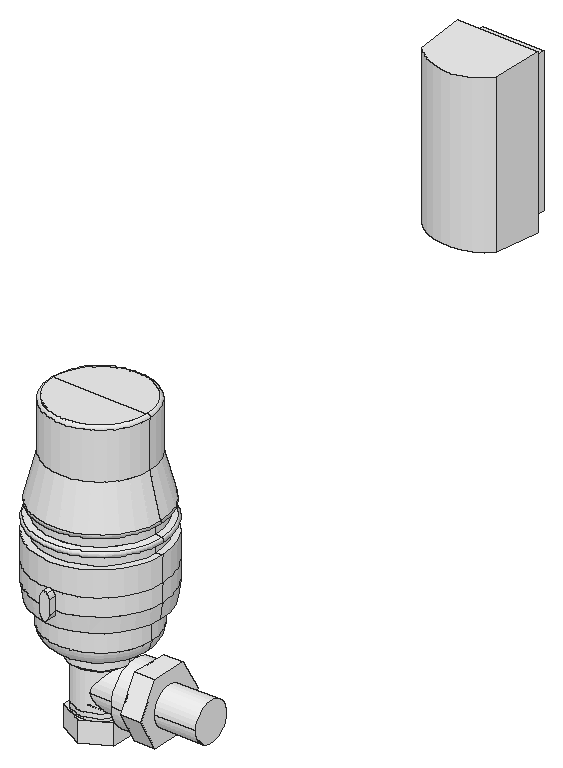
Revit family "RA-FN_Angle_DN10-20_F_Redia_RFA_1", category Pipe Accessories, Revit 2019
Family settings
  Round Connector Dimension = Use Diameter
  Part Type = Valve - Breaks Into
  OmniClass Number = 23.65.55.14.17
  OmniClass Title = Adjusting/Controlling Valves for Liquid Services
  Work Plane-Based = No
  Always vertical = Yes
  Cut with Voids When Loaded = No
  Shared = No
Parameters (values of type "RA-FN_Angle_DN10_Internal_F_013G0001")
  W = 58.00 mm  # constant formula
  Sensor Type = Redia Sensors_RA_RFA : Redia Sensors_RA_Remote_8-28 °C
  SH = HT1 + HT2 + HT3 + 23.00 mm  # 38.00 mm
  Redia_Remote = Redia Sensors_RA_RFA : Redia Sensors_RA_Remote_8-28 °C
  Redia_16_28 = Redia Sensors_RA_RFA : Redia Sensors_RA_Built-in_16-28 °C
  Redia_8_28 = Redia Sensors_RA_RFA : Redia Sensors_RA_Built-in_8-28 °C
  R_200_1 = 15.60 mm
  R_200 = 12.50 mm
  Weight = 0.20 kg
  RV2 = 10.80 mm
  RV3 = 13.30 mm
  RV4 = 8.30 mm
  RB3 = 10.50 mm
  RB = 12.70 mm
  Pressure Drop [instance] = 0.0 bar
  Model Type = "RA-FN_Angle_DN10_Internal_F"
  Model = "013G0001"
  Max Operating Pressure = "10 bar"  # constant formula
  Max Medium Temperature = "120 ˚C"  # constant formula
  Max Differential Pressure = "0.6 bar"  # constant formula
  SL = L1 + L2 + L3 + L4  # 30.00 mm
  LOD 350 = not(LOD 200)  # yes
  LOD 200 = no
  L2 = 1.00 mm
  L1 = 14.50 mm
  L3 = 6.00 mm
  L4 = 8.50 mm
  LL = 48.50 mm
  L = LL + 27.50 mm  # 76.00 mm
  Kvs = 0.65 m³/h
  IfcExportType = "RA-FN"  # constant formula
  IfcExportAs = "IfcValveType"  # constant formula
  HB2 = 2.00 mm
  HB1 = 9.00 mm
  HB3 = 8.00 mm
  HT3 = 5.00 mm
  HT2 = 1.50 mm
  HT1 = 8.50 mm
  Valve Body Material = Danfoss Nickel Plated Brass
  URL = "https://store.danfoss.com/en/Climate-Solutions-for-heating/Radiator-Thermostats/Radiator-Valves/Build-on-valves/Fixed-capacity-valves/c/13867?q=%3Arelevance%3Adanfoss_producttypehierarchydesc%3ARA-FN&text="
  RV1 = 10.00 mm
  Manufacturer = "Danfoss"  # constant formula
  RB2 = 10.50 mm
  HB = 20.00 mm
  HT [instance] = 110.90 mm
  HA = if(or(Sensor Type = Redia_8_28, Sensor Type = Redia_16_28, Sensor Type = Redia_Remote), 96.00 mm, 94.80 mm)  # 96.00 mm
  H = HT1 + HT2 + HT3 + HA + HB  # 131.00 mm
  Flow [instance] = 0.0 m³/h
  Description = "Thermostatic Radiator Valve"  # constant formula
  DB1 = 25.40 mm
  L_Thread2 = 13.50 mm
  L_Thread1 = 10.80 mm
  D = 10.00 mm
  Connection = "Internal Thread"  # constant formula
Types (3, lengths in mm): name | R_200_1 | R_200 | Weight | RV2 | RV3 | RV4 | RB3 | RB | Model Type | Model | SL | L2 | L1 | L3 | L4 | LL | L | Kvs | HB2 | HB1 | HB3 | HT2 | HT1 | RV1 | RB2 | HB | H | DB1 | L_Thread2 | L_Thread1 | D
  RA-FN_Angle_DN10_Internal_F_013G0001 | 15.60 | 12.50 | 0.20 kg | 10.80 | 13.30 | 8.30 | 10.50 | 12.70 | "RA-FN_Angle_DN10_Internal_F" | "013G0001" | 30.00 | 1.00 | 14.50 | 6.00 | 8.50 | 48.50 | 76.00 | 0.65 m³/h | 2.00 | 9.00 | 8.00 | 1.50 | 8.50 | 10.00 | 10.50 | 20.00 | 131.00 | 25.40 | 13.50 | 10.80 | 10.00
  RA-FN_Angle_DN15_Internal_F_013G0003 | 17.30 | 15.30 | 0.23 kg | 12.00 | 14.80 | 10.50 | 12.50 | 13.30 | "RA-FN_Angle_DN15_Internal_F" | "013G0003" | 32.00 | 2.00 | 16.00 | 4.00 | 10.00 | 53.00 | 80.50 | 0.9 m³/h | 3.00 | 10.00 | 4.50 | 1.50 | 8.50 | 10.80 | 10.30 | 23.00 | 134.00 | 25.00 | 15.00 | 13.30 | 15.00
  RA-FN_Angle_DN20_Internal_F_013G0005 | 21.10 | 18.20 | 0.34 kg | 14.50 | 18.10 | 13.00 | 15.60 | 15.80 | "RA-FN_Angle_DN20_Internal_F" | "013G0005" | 39.00 | 3.00 | 18.00 | 4.00 | 14.00 | 62.00 | 89.50 | 1.4 m³/h | 3.50 | 13.00 | 4.50 | 2.00 | 8.00 | 12.50 | 13.00 | 26.00 | 137.00 | 26.00 | 18.30 | 15.80 | 20.00
Reference planes
  plane 1 "Center (Front/Back)": y = 0
  plane 2 "XYPLANE": z = 0
  plane 3 "Center (Left/Right)": x = 0
  plane 4 "56": z = 111
  plane 5 "54": z = 8.5
  plane 6 "52": z = -20
  plane 7 "51": x = 0
  plane 8 "50": y = 0
  plane 9 "49": z = 0
  plane 10 "48": x = 21.5
  plane 11: z = 10
  plane 12: z = 15
  plane 13: z = -8
  plane 14: z = -10
  plane 15: z = -11
  plane 16: x = 48.5
  plane 17: x = 30
  plane 18: x = 15.5
  plane 19: x = 14.5
  plane 20: z = -16.4
  plane 21: x = -12.7
  plane 22: y = 15.6
  plane 23: y = -15.6
  plane 24: x = -27.5
  plane 25: y = 27.5
  plane 26: y = -30.5
Forms (mm)
  Extrusion 1, solid, material "Danfoss Nickel Plated Brass" <- "Valve Body Material", detail levels fine
    sketch origin (0, 0, 0) x (1, 0, 0) y (0, 1, 0)
      loop
        circle (0, 0) r 12.7
    from 10 to 15
  Extrusion 2, solid, material "Danfoss Nickel Plated Brass" <- "Valve Body Material", visible <- "LOD 350", detail levels fine
    sketch origin (-750, 0, -20) x (1, 0, 0) y (0, 1, 0)
      loop
        line (750, -12.471) -> (760.8, -6.235) -> (760.8, 6.235) -> (750, 12.471) -> (739.2, 6.235) -> (739.2, -6.235) -> (750, -12.471)
    from 0 to 9
  Extrusion 3, solid, material "Danfoss Nickel Plated Brass" <- "Valve Body Material", visible <- "LOD 350", detail levels fine
    sketch origin (0, 0, 0) x (1, 0, 0) y (0, 1, 0)
      loop
        circle (0, 0) r 10.5
    from 8.5 to -8
  Extrusion 4, solid, material "Danfoss Nickel Plated Brass" <- "Valve Body Material", visible <- "LOD 350", detail levels fine
    sketch origin (16.7, -750, 0) x (0, 1, 0) y (0, 0, 1)
      loop
        circle (750, 0) r 10
    from -2.2 to -16.7
  Extrusion 5, solid, material "Danfoss Nickel Plated Brass" <- "Valve Body Material", visible <- "LOD 350", detail levels fine
    sketch origin (21.5, -750, 0) x (0, 1, 0) y (0, 0, 1)
      loop
        line (734.412, 0) -> (742.206, -13.5) -> (757.794, -13.5) -> (765.588, 0) -> (757.794, 13.5) -> (742.206, 13.5) -> (734.412, 0)
    from 8.5 to 0
  Extrusion 6, solid, material "Danfoss Nickel Plated Brass" <- "Valve Body Material", visible <- "LOD 350", detail levels fine
    sketch origin (21.5, -750, 0) x (0, 1, 0) y (0, 0, 1)
      loop
        circle (750, 0) r 13.3
    from 0 to -6
  Extrusion 7, solid, material "Danfoss Nickel Plated Brass" <- "Valve Body Material", visible <- "LOD 350", detail levels fine
    sketch origin (0, 0, 0) x (1, 0, 0) y (0, 1, 0)
      loop
        circle (0, 0) r 10.5
    from -11 to -10
  Blend 8, solid, material "Danfoss Nickel Plated Brass" <- "Valve Body Material", visible <- "LOD 350", detail levels fine
    base sketch origin (0, 0, 0) x (1, 0, 0) y (0, 1, 0)
      loop
        circle (0, 0) r 10.5
    top sketch origin (0, 0, 0) x (1, 0, 0) y (0, 1, 0)
      loop
        circle (0, 0) r 10.5
    from -10 to -8
  Blend 9, solid, material "Danfoss Nickel Plated Brass" <- "Valve Body Material", visible <- "LOD 350", detail levels fine
    base sketch origin (0, 0, 0) x (0, -1, 0) y (1, 0, 0)
      loop
        circle (0, 0) r 12.7
    top sketch origin (0, 0, 0) x (0, -1, 0) y (1, 0, 0)
      loop
        circle (0, 0) r 10.5
    from 10 to 8.5
  Blend 10, solid, material "Danfoss Nickel Plated Brass" <- "Valve Body Material", visible <- "LOD 350", detail levels fine
    base sketch origin (0, 0, 0) x (0, 1, 0) y (0, 0, 1)
      loop
        circle (0, 0) r 10
    top sketch origin (0, 0, 0) x (0, 1, 0) y (0, 0, 1)
      loop
        circle (0, 0) r 10.8
    from 14.5 to 15.5
  Extrusion 11, solid, material "Danfoss Nickel Plated Brass" <- "Valve Body Material", detail levels fine
    sketch origin (21.5, -750, 0) x (0, 1, 0) y (0, 0, 1)
      loop
        circle (750, 0) r 8.3
    from 8.5 to 27
  Revolve 12, solid, material "Danfoss Nickel Plated Brass" <- "Valve Body Material", visible <- "LOD 200", detail levels fine
    sketch origin (0, 0, 0) x (1, 0, 0) y (0, 0, 1)
      loop
        line (0, -11) -> (10.5, -11) -> (10.5, 10) -> (0, 10) -> (0, -11)
      axis (0, -11) -> (0, 10)
    angle from 0 to 360
  Extrusion 13, solid, material "Danfoss Nickel Plated Brass" <- "Valve Body Material", visible <- "LOD 200", detail levels fine
    sketch origin (0, 0, 0) x (0, 1, 0) y (0, 0, 1)
      loop
        circle (0, 0) r 10
    from 0 to 21.5
  Extrusion 14, solid, material "Danfoss Nickel Plated Brass" <- "Valve Body Material", visible <- "LOD 200", detail levels fine
    sketch origin (21.5, -750, 0) x (0, 1, 0) y (0, 0, 1)
      loop
        circle (750, 0) r 15.6
    from 0 to 8.5
  Extrusion 15, solid, material "Danfoss Nickel Plated Brass" <- "Valve Body Material", visible <- "LOD 200", detail levels fine
    sketch origin (0, 0, 0) x (1, 0, 0) y (0, 1, 0)
      loop
        circle (0, 0) r 12.5
    from -20 to -11
Lines and regions (mm)
  reference lines, not visible
    curve 1: circle (2, 2, 0) r 1 normal (0, 0, 1)
  reference lines
    curve 2: line (0, 0, -20) -> (4.33, 2.5, -20)
    curve 3: line (0, 0, -20) -> (0, 5, -20)
    curve 4: line (0, 0, -20) -> (-4.33, 2.5, -20)
    curve 5: line (21.5, 0, 0) -> (21.5, 2.625, -4.547)
    curve 6: line (21.5, 0, 0) -> (21.5, 5.25, 0)
    curve 7: line (21.5, 0, 0) -> (21.5, 2.625, 4.547)
Dimensions and locks
  plane 1 "Center (Front/Back)" to curve 1 = 2.00 mm
  "HT1": plane 2 "XYPLANE" to plane 5 "54"
  locked: plane 3 "Center (Left/Right)" to plane 7 "51"
  locked: plane 1 "Center (Front/Back)" to plane 8 "50"
  locked: plane 2 "XYPLANE" to plane 9 "49"
  "L_Thread1": curve 2 to Extrusion 2 sketch curve  (x2)
  "L_Thread1": curve 3 to Extrusion 2 sketch curve  (x2)
  "L_Thread1": curve 4 to Extrusion 2 sketch curve  (x2)
  "L_Thread2": curve 5 to Extrusion 5 sketch curve  (x2)
  "L_Thread2": curve 6 to Extrusion 5 sketch curve  (x2)
  "L_Thread2": curve 7 to Extrusion 5 sketch curve  (x2)
  "HT2": plane 11 to plane 5 "54"
  "HT3": plane 12 to plane 11
  "HB3": level to plane 13
  "HB2": plane 13 to plane 14
  "HB1": plane 15 to plane 6 "52"
  "LL": plane 16 to plane 3 "Center (Left/Right)"
  "L4": plane 10 "48" to plane 17
  "L3": plane 18 to plane 10 "48"
  "L2": plane 19 to plane 18
  "L1": plane 3 "Center (Left/Right)" to plane 19
  plane 10 "48" to plane 3 "Center (Left/Right)" = 21.50 mm
  "RB2": Revolve 12 sketch curve to Revolve 12 sketch curve
  locked: plane 15 to plane 20 at 5.4
  "RB": plane 21 to plane 7 "51"
  plane 12 to level = 15.00 mm
  equal spacing: plane 22, plane 1 "Center (Front/Back)", plane 23
  "L": plane 16 to plane 24
  "W": plane 26 to plane 25
  "HA": plane 4 "56" to plane 12
  "H": plane 4 "56" to plane 6 "52"
  "DB1": diameter of Extrusion 1 sketch curve
  "RB2": radius of Extrusion 3 sketch curve
  "RV1": radius of Extrusion 4 sketch curve
  "RB3": radius of Extrusion 7 sketch curve
  "RB3": radius of Blend 8 sketch curve
  "RB2": radius of Blend 8 sketch curve
  "RB2": radius of Blend 9 sketch curve
  "RV3": radius of Extrusion 6 sketch curve
  "RV1": radius of Blend 10 sketch curve
  "RV2": radius of Blend 10 sketch curve
  "RV4": radius of Extrusion 11 sketch curve
  "DB1": diameter of Blend 9 sketch curve
  "RV1": radius of Extrusion 13 sketch curve
  "R_200_1": radius of Extrusion 14 sketch curve
  "R_200": radius of Extrusion 15 sketch curve
  locked: curve 3 to curve 2 (angle 60.00°)
  locked: curve 4 to curve 3 (angle 60.00°)
  locked: curve 4 to curve 2 (angle 120.00°)
  locked: curve 6 to curve 5 (angle 60.00°)
  locked: curve 7 to curve 6 (angle 60.00°)
  locked: curve 7 to curve 5 (angle 120.00°)
  aligned and locked: level to plane 2 "XYPLANE"
  aligned and locked: plane 7 "51" to Extrusion 1 sketch curve
  aligned and locked: plane 8 "50" to Extrusion 1 sketch curve
  aligned and locked: plane 7 "51" to curve 4
  aligned and locked: plane 8 "50" to curve 4
  aligned and locked: plane 7 "51" to Extrusion 3 sketch curve
  aligned and locked: plane 8 "50" to Extrusion 3 sketch curve
  aligned and locked: Extrusion 4 sketch curve to plane 8 "50"
  aligned and locked: plane 9 "49" to Extrusion 4 sketch curve
  aligned and locked: curve 7 to plane 8 "50"
  aligned and locked: plane 9 "49" to curve 7
  aligned and locked: plane 9 "49" to Extrusion 6 sketch curve
  aligned and locked: Extrusion 1 to plane 11
  aligned and locked: plane 12 to Extrusion 1
  aligned and locked: plane 5 "54" to Extrusion 3
  aligned and locked: plane 15 to Extrusion 2
  aligned and locked: Extrusion 3 to plane 13
  aligned and locked: plane 3 "Center (Left/Right)" to Extrusion 7 sketch curve
  aligned and locked: plane 1 "Center (Front/Back)" to Extrusion 7 sketch curve
  aligned and locked: Extrusion 7 to plane 15
  aligned and locked: plane 14 to Extrusion 7
  aligned and locked: plane 3 "Center (Left/Right)" to Blend 8 sketch curve  (x2)
  aligned and locked: plane 1 "Center (Front/Back)" to Blend 8 sketch curve  (x2)
  aligned and locked: Blend 8 to plane 14
  aligned and locked: plane 13 to Blend 8
  aligned and locked: plane 11 to Blend 9
  aligned and locked: Blend 9 to plane 5 "54"
  aligned and locked: Extrusion 4 to plane 19
  aligned and locked: Extrusion 6 to plane 18
  aligned and locked: plane 1 "Center (Front/Back)" to Extrusion 6 sketch curve
  aligned and locked: level to Extrusion 6 sketch curve
  aligned and locked: Extrusion 5 to plane 10 "48"
  aligned and locked: plane 17 to Extrusion 5
  aligned and locked: Extrusion 4 to plane 3 "Center (Left/Right)"
  aligned and locked: plane 1 "Center (Front/Back)" to Blend 10 sketch curve  (x2)
  aligned and locked: level to Blend 10 sketch curve  (x2)
  aligned and locked: Blend 10 to plane 19
  aligned and locked: Blend 10 to plane 18
  aligned and locked: plane 1 "Center (Front/Back)" to Extrusion 11 sketch curve
  aligned and locked: level to Extrusion 11 sketch curve
  aligned and locked: Extrusion 11 to plane 17
  aligned and locked: plane 16 to Extrusion 11
  aligned and locked: plane 7 "51" to Blend 9 sketch curve
  aligned and locked: plane 8 "50" to Blend 9 sketch curve
  aligned and locked: Revolve 12 sketch curve to plane 3 "Center (Left/Right)"
  aligned and locked: Revolve 12 sketch curve to Revolve 12 sketch curve
  aligned and locked: Revolve 12 sketch curve to plane 11
  aligned and locked: level to Extrusion 13 sketch curve
  aligned and locked: plane 1 "Center (Front/Back)" to Extrusion 13 sketch curve
  aligned and locked: Extrusion 13 to plane 10 "48"
  aligned and locked: nested 1 to plane 8 "50"
  aligned and locked: Extrusion 14 to plane 10 "48"
  aligned and locked: plane 17 to Extrusion 14
  aligned and locked: Revolve 12 sketch curve to plane 15
  aligned and locked: plane 7 "51" to Extrusion 15 sketch curve
  aligned and locked: plane 8 "50" to Extrusion 15 sketch curve
  aligned and locked: Extrusion 15 to plane 6 "52"
  aligned and locked: plane 15 to Extrusion 15
  aligned and locked: plane 3 "Center (Left/Right)" to nested 2
  aligned and locked: plane 12 to nested 2
  aligned and locked: plane 1 "Center (Front/Back)" to nested 2
  aligned and locked: plane 3 "Center (Left/Right)" to nested 1
  aligned and locked: nested 3 to plane 12
  aligned and locked: plane 3 "Center (Left/Right)" to nested 3
  aligned and locked: plane 1 "Center (Front/Back)" to nested 3
  aligned and locked: nested 4 to level
  aligned and locked: plane 3 "Center (Left/Right)" to nested 4
  aligned and locked: plane 1 "Center (Front/Back)" to nested 4
Automatic sketch dimensions
  plane 3 "Center (Left/Right)" to curve 1 = 2.00 mm
  plane 1 "Center (Front/Back)" to Blend 9 sketch curve = 0.00 mm
  Blend 9 sketch curve to plane 3 "Center (Left/Right)" = 0.00 mm
  Revolve 12 sketch curve to plane 15 = 0.00 mm
  Revolve 12 sketch curve to plane 12 = 0.00 mm
  Extrusion 14 sketch curve to level = 0.00 mm
  Extrusion 14 sketch curve to plane 1 "Center (Front/Back)" = 0.00 mm
  radius of curve 1 = 1.00 mm
Nested families
  nested 1: "Schematic_TRV_Angle" at (0, 0, 0), type "Schematic_TRV_Angle", detail levels coarse+medium
    with LT 16.00 mm, L 30.00 mm, HT 38.00 mm, D 20.00 mm
  nested 2: "connection neck" at (0, 0, 15), type "connection"
    with LOD 350 yes, LOD 200 no, DN20(350) yes, DN10-15(350) no
  nested 3: "Redia Sensors_RA_RFA" at (0, 0, 15), LOD 200 <- "LOD 200", type <- "Sensor Type", type "Redia Sensors_RA_Remote_8-28 °C", detail levels fine
    with Y' 1200.00 mm, X' 1200.00 mm, LOD 350 yes, LOD 200 no, Box Z Offset 100.00 mm, Box Y Offset 100.00 mm, Box X Offset 100.00 mm
  nested 4: "Schematic_TRV_Sensor_Angle" at (0, 0, 0), type "Schematic_TRV_Sensor_Angle", detail levels coarse+medium
    with HT 38.00 mm
Connectors
  piping at (0, 0, -20), diameter 10, driven by "Flow", driven by "D"
    settings: on Extrusion 2, index 3, connector inside diameter 609.6 mm, connector length 0.00 mm, flow factor 0, pipe flow 0.0 m³/h, pressure drop 0.0 bar, fitting loss kfactor 0, connector angle 0.00°, fixture units 0, engagement length 0.00 mm, angle of deflection 0.00°, flow configuration 0, flow direction 1, fitting loss method 0, system type 29, joint type 0, gender type 0, connector reference index 4, connector utility 0, adjustable connector no, is connector primary yes, connector description ""
  piping at (30, 0, 0), diameter 10, driven by "Flow", driven by "D"
    settings: on Extrusion 5, index 4, connector inside diameter 609.6 mm, connector length 0.00 mm, flow factor 0, pipe flow 0.0 m³/h, pressure drop 0.0 bar, fitting loss kfactor 0, connector angle 0.00°, fixture units 0, engagement length 0.00 mm, angle of deflection 0.00°, flow configuration 0, flow direction 2, fitting loss method 0, system type 29, joint type 0, gender type 0, connector reference index 3, connector utility 0, adjustable connector no, is connector primary no, connector description ""
Definition of nested family "connection neck"
  Parameters (values of type "connection")
    Model = ""
    Valve Body Material = none
    LOD 350 [instance] = not(LOD 200)  # yes
    LOD 200 [instance] = no
    IfcExportType = "Connection neck"  # constant formula
    IfcExportAs = "IfcValveType"  # constant formula
    URL = "https://store.danfoss.com/en/Climate-Solutions-for-heating/Radiator-Thermostats/Radiator-Valves/Build-on-valves/Presetting-valves/c/13866?q=%3Arelevance%3Adanfoss_producttypehierarchydesc%3ARA-N&text="
    Manufacturer = "Danfoss"  # constant formula
    HT1 = if(D = 20.00 mm, 12.55 mm, 12.65 mm)  # 12.55 mm
    HT = 33.00 mm  # constant formula
    H [instance] = 33.00 mm
    Description = "Thermostatic Radiator Valve"  # constant formula
    DN20(350) [instance] = and((LOD 350), D = 20.00 mm)  # yes
    DN10-15(350) [instance] = and((LOD 350), D < 20.00 mm)  # no
    D = 20.00 mm
  Reference planes
    plane 1 "Center (Front/Back)": y = 0
    plane 2 "XYPLANE": z = 6
    plane 3 "Center (Left/Right)": x = 0
    plane 4 "67": z = 26.93
    plane 5 "66": z = 7
    plane 6 "63": x = 0
    plane 7 "60": y = 0
    plane 8 "59": z = 0
    plane 9: z = 33
    plane 10: z = 12.65
    plane 11: z = 0
    plane 12 "HT1": z = 12.55
    plane 13: z = 6.1
    plane 14: z = 22.93
  Forms (mm)
    Revolve 1, solid, detail levels fine
      sketch origin (0, 0, 0) x (1, 0, 0) y (0, 0, 1)
        loop
          line (0, 33) -> (0, 26.93) -> (1, 26.93) -> (1, 33) -> (0, 33)
        axis (0, 26.93) -> (0, 33)
      angle from 0 to 360
    Revolve 2, solid, visible <- "DN10-15(350)", detail levels fine
      sketch origin (0, 0, 0) x (1, 0, 0) y (0, 0, 1)
        loop
          line (0, 0) -> (11.5, 0) -> (11.5, 7) -> (8.3, 7) -> (8.3, 12.55) -> (0, 12.55) -> (0, 0)
        axis (0, 12.55) -> (0, 0)
      angle from 0 to 360
    Revolve 3, solid, material <- "Valve Body Material", detail levels fine
      sketch origin (0, 0, 0) x (1, 0, 0) y (0, 0, 1)
        loop
          line (0, 22.93) -> (0, 12.55) -> (9.3, 12.55) -> (9.3, 22.93) -> (0, 22.93)
        axis (0, 12.55) -> (0, 22.93)
      angle from 0 to 360
    Revolve 4, solid, visible <- "LOD 200", detail levels fine
      sketch origin (0, 0, 0) x (1, 0, 0) y (0, 0, 1)
        loop
          line (0, 0) -> (11.5, 0) -> (11.5, 12.55) -> (0, 12.55) -> (0, 0)
        axis (0, 0) -> (0, 12.55)
      angle from 0 to 360
    Extrusion 5, solid, visible <- "LOD 350", detail levels fine
      sketch origin (0, 0, 0) x (1, 0, 0) y (0, 1, 0)
        loop
          line (-2.887, 5) -> (-5.774, 0) -> (-2.887, -5) -> (2.887, -5) -> (5.774, 0) -> (2.887, 5) -> (-2.887, 5)
      from 22.93 to 26.93
    Revolve 6, solid, visible <- "LOD 200", detail levels fine
      sketch origin (0, 0, 0) x (1, 0, 0) y (0, 0, 1)
        loop
          line (0, 26.93) -> (0, 22.93) -> (5.774, 22.93) -> (5.774, 26.93) -> (0, 26.93)
        axis (0, 26.93) -> (0, 22.93)
      angle from 0 to 360
    Revolve 7, solid, visible <- "DN20(350)", detail levels fine
      sketch origin (0, 0, 0) x (1, 0, 0) y (0, 0, 1)
        loop
          line (0, 0) -> (11.5, 0) -> (11.5, 6.1) -> (8.3, 6.1) -> (8.3, 12.55) -> (0, 12.55) -> (0, 0)
        axis (0, 12.55) -> (0, 0)
      angle from 0 to 360
  Lines and regions (mm)
    reference lines, not visible
      curve 1: circle (2, 2, 0) r 1 normal (0, 0, 1)
    reference lines, visible <- "LOD 350"
      curve 2: line (32, 0, 0) -> (32, 5.846, -3.375)
      curve 3: line (32, 0, 0) -> (32, 0, -6.75)
      curve 4: line (32, 0, 0) -> (32, -5.846, -3.375)
      curve 5: line (-29, 0, 0) -> (-29, -4.98, -2.875)
      curve 6: line (-29, 0, 0) -> (-29, 0, -5.75)
      curve 7: line (-29, 0, 0) -> (-29, 4.98, -2.875)
  Dimensions and locks
    plane 1 "Center (Front/Back)" to curve 1 = 2.00 mm
    locked: plane 3 "Center (Left/Right)" to plane 6 "63"
    locked: plane 1 "Center (Front/Back)" to plane 7 "60"
    plane 8 "59" to plane 2 "XYPLANE" = 6.00 mm
    "HT": plane 9 to level
    Revolve 3 sketch curve to Revolve 3 sketch curve = 9.30 mm
    Revolve 2 sketch curve to plane 3 "Center (Left/Right)" = 11.50 mm
    Revolve 2 sketch curve to plane 3 "Center (Left/Right)" = 8.30 mm
    Revolve 4 sketch curve to Revolve 4 sketch curve = 11.50 mm
    Extrusion 5 sketch curve to Extrusion 5 sketch curve = 10.00 mm  (x3)
    equal spacing: Extrusion 5 sketch curve, plane 1 "Center (Front/Back)", Extrusion 5 sketch curve
    equal spacing: Extrusion 5 sketch curve, plane 3 "Center (Left/Right)", Extrusion 5 sketch curve  (x2)
    Revolve 6 sketch curve to Revolve 6 sketch curve = 5.774 mm
    "H": plane 9 to plane 11
    Revolve 1 sketch curve to Revolve 1 sketch curve = 1.00 mm
    locked: level to plane 11
    Revolve 7 sketch curve to plane 3 "Center (Left/Right)" = 8.30 mm
    Revolve 7 sketch curve to plane 3 "Center (Left/Right)" = 11.50 mm
    plane 10 to plane 5 "66" = 5.65 mm
    "HT1": plane 12 "HT1" to level
    locked: plane 13 to level at 6.1
    plane 12 "HT1" to plane 13 = 6.45 mm
    locked: plane 14 to plane 12 "HT1" at 10.38
    locked: plane 4 "67" to plane 14 at 4
    locked: plane 5 "66" to level at 7
    locked: curve 3 to curve 2 (angle 60.00°)
    locked: curve 4 to curve 3 (angle 60.00°)
    locked: curve 4 to curve 2 (angle 120.00°)
    locked: curve 6 to curve 5 (angle 60.00°)
    locked: curve 7 to curve 6 (angle 60.00°)
    locked: curve 7 to curve 5 (angle 120.00°)
    aligned and locked: curve 4 to plane 7 "60"
    aligned and locked: plane 8 "59" to curve 4
    aligned and locked: curve 7 to plane 7 "60"
    aligned and locked: plane 8 "59" to curve 7
    aligned and locked: Revolve 1 sketch curve to plane 6 "63"
    aligned and locked: Revolve 1 sketch curve to plane 9
    aligned and locked: plane 6 "63" to Revolve 1 sketch curve
    aligned and locked: Revolve 2 sketch curve to plane 5 "66"
    aligned and locked: Revolve 2 sketch curve to plane 3 "Center (Left/Right)"
    aligned and locked: Revolve 2 sketch curve to Revolve 2 sketch curve
    aligned and locked: Revolve 3 sketch curve to plane 6 "63"
    aligned and locked: plane 6 "63" to Revolve 3 sketch curve
    aligned and locked: Revolve 4 sketch curve to plane 6 "63"
    aligned and locked: plane 2 "XYPLANE" to Revolve 4 sketch curve
    aligned and locked: plane 6 "63" to Revolve 4 sketch curve
    aligned and locked: Revolve 1 sketch curve to plane 4 "67"
    aligned and locked: plane 4 "67" to Revolve 1 sketch curve
    aligned and locked: Revolve 2 sketch curve to plane 11
    aligned and locked: plane 11 to Revolve 2 sketch curve
    aligned and locked: plane 4 "67" to Extrusion 5
    aligned and locked: plane 10 to Revolve 4
    aligned and locked: Revolve 6 sketch curve to plane 6 "63"  (x2)
    aligned and locked: Revolve 6 sketch curve to plane 4 "67"
    aligned and locked: Revolve 6 sketch curve to Revolve 1
    aligned and locked: Revolve 6 sketch curve to Revolve 6 sketch curve
    aligned and locked: Revolve 7 sketch curve to level
    aligned and locked: Revolve 7 sketch curve to plane 3 "Center (Left/Right)"  (x2)
    aligned and locked: Revolve 4 sketch curve to plane 12 "HT1"
    aligned and locked: Revolve 3 sketch curve to plane 12 "HT1"
    aligned and locked: Revolve 2 sketch curve to plane 12 "HT1"
    aligned and locked: Revolve 7 sketch curve to plane 12 "HT1"
    aligned and locked: Revolve 7 sketch curve to plane 13
    aligned and locked: Revolve 3 sketch curve to plane 14
    aligned and locked: Extrusion 5 to plane 14
  Automatic sketch dimensions
    plane 3 "Center (Left/Right)" to curve 1 = 2.00 mm
    plane 9 to Revolve 1 sketch curve = 0.838 mm
    Revolve 3 sketch curve to plane 3 "Center (Left/Right)" = 0.00 mm
    plane 5 "66" to Revolve 3 sketch curve = 2.50 mm
    Revolve 3 sketch curve to plane 9 = 1.691 mm
    Revolve 4 sketch curve to plane 11 = 0.00 mm
    Revolve 4 sketch curve to plane 9 = 0.30 mm
    plane 1 "Center (Front/Back)" to Extrusion 5 sketch curve = 0.00 mm
    Extrusion 5 sketch curve to Extrusion 5 sketch curve = 2.887 mm
    Revolve 7 sketch curve to Revolve 7 sketch curve = 0.00 mm
    Revolve 7 sketch curve to Revolve 7 sketch curve = 11.48 mm
    Revolve 2 sketch curve to plane 4 "67" = 3.00 mm
    Revolve 6 sketch curve to plane 4 "67" = 4.00 mm
    radius of curve 1 = 1.00 mm
Definition of nested family "Redia Sensors_RA_RFA"
  Parameters (values of type "Redia Sensors_RA_Built-in_8-28 °C")
    YH = XYadd - H'  # 504.10 mm
    Y' [instance] = if(Box Y Offset < -1 * XYlimit, XYadd - XYlimit, (if(Box Y Offset > XYlimit, XYadd + XYlimit, Box Y Offset + XYadd)))  # 700.00 mm
    XYadd = XYlimit + 100.00 mm  # 600.00 mm
    X' [instance] = if(Box X Offset < -1 * XYlimit, XYadd - XYlimit, (if(Box X Offset > XYlimit, XYadd + XYlimit, Box X Offset + XYadd)))  # 700.00 mm
    XYlimit = 500.00 mm
    W [instance] = 57.89 mm
    Redia Sensor = Redia_RA_RFA : Redia Sensors_standard
    Sensor Media = "Liquid"  # constant formula
    Remote Sensor = if(RS = 1, 1 = 1, 1 = 0)  # no
    Box Z Offset [instance] = 100.00 mm  # constant formula
    URL = "https://store.danfoss.com/en/Climate-Solutions-for-heating/Radiator-Thermostats/Radiator-sensors/Room-sensor-mTRV/Sensors-for-Danfoss-RA-valves/c/13884?q=%3Arelevance%3Adanfoss_a1184338573%3AA1184_3385735918e24870f0ea98b9978dae8a69c533%3Adanfoss_producttypehierarchydesc%3ADanfoss+Redia%C2%AE+Sensors%3Adanfoss_a1186338575%3AA1186_3385757565fa0f3e171a343b2fd2a01064cb82&text="
    RS = 0
    Model Type = "Redia Sensors_RA_Built-in_8-28 °C"
    Model = "015G3390,015G3380,015G3388,015G3398,015G3898"
    Min Temperature Setting = "8 °C"
    Max Temperature Setting = "28 °C"
    Max Capillary Tube Length = 0.00 mm
    Manufacturer = "Danfoss"  # constant formula
    LOD 350 [instance] = not(LOD 200)  # yes
    LOD 200 [instance] = no
    L [instance] = 55.00 mm
    IfcExportType = "Redia Sensors"  # constant formula
    IfcExportAs = "IfcActuatorType"  # constant formula
    H' = 95.90 mm
    H [instance] = 95.90 mm
    Description = "Radiator Sensor"  # constant formula
    Connection = "RA"  # constant formula
    Box Y Offset [instance] = 100.00 mm
    Box X Offset [instance] = 100.00 mm
    Body Material = none
  Types (8, lengths in mm): name | YH | Y' | XYadd | X' | XYlimit | Redia Sensor | Remote Sensor | URL | RS | Model Type | Model | Min Temperature Setting | Max Temperature Setting | Max Capillary Tube Length | H' | H
    (no name) | 504.10 | 700.00 | 600.00 | 700.00 | 500.00 | Redia_RA_RFA : Redia Sensors_standard | no | "https://store.danfoss.com/en/Climate-Solutions-for-heating/Radiator-Thermostats/Radiator-sensors/Room-sensor-mTRV/Sensors-for-Danfoss-RA-valves/c/13884?q=%3Arelevance%3Adanfoss_a1184338573%3AA1184_3385735918e24870f0ea98b9978dae8a69c533%3Adanfoss_producttypehierarchydesc%3ADanfoss+Redia%C2%AE+Sensors%3Adanfoss_a1186338575%3AA1186_3385757565fa0f3e171a343b2fd2a01064cb82&text=" | 0 | "Redia Sensors_RA_Built-in_8-28 °C" | "015G3390,015G3380,015G3388,015G3398,015G3898" | "8 °C" | "28 °C" | 0.00 | 95.90 | 95.90
    Redia Sensors_RA_Remote_8-28 °C | 1004.10 | 1200.00 | 1100.00 | 1200.00 | 1000.00 | Redia_RA_RFA : Redia Sensors_standard | yes | "https://store.danfoss.com/en/Climate-Solutions-for-heating/Radiator-Thermostats/Radiator-sensors/Room-sensor-mTRV/Sensors-for-Danfoss-RA-valves/c/13884?q=%3Arelevance%3Adanfoss_a1184338573%3AA1184_3385735918e24870f0ea98b9978dae8a69c533%3Adanfoss_producttypehierarchydesc%3ADanfoss+Redia%C2%AE+Sensors%3Adanfoss_a1186338575%3AA1186_3385756922a4d78decdb47e1e9a53dbb12a95d&text=" | 1 | "Redia Sensors_RA_Remote_8-28 °C" | "015G3392,015G3382" | "8 °C" | "28 °C" | 2000.00 | 95.90 | 95.90
    Redia Sensors_RA_Built-in_8-28 °C | 504.10 | 700.00 | 600.00 | 700.00 | 500.00 | Redia_RA_RFA : Redia Sensors_standard | no | "https://store.danfoss.com/en/Climate-Solutions-for-heating/Radiator-Thermostats/Radiator-sensors/Room-sensor-mTRV/Sensors-for-Danfoss-RA-valves/c/13884?q=%3Arelevance%3Adanfoss_a1184338573%3AA1184_3385735918e24870f0ea98b9978dae8a69c533%3Adanfoss_producttypehierarchydesc%3ADanfoss+Redia%C2%AE+Sensors%3Adanfoss_a1186338575%3AA1186_3385757565fa0f3e171a343b2fd2a01064cb82&text=" | 0 | "Redia Sensors_RA_Built-in_8-28 °C" | "015G3390,015G3380,015G3388,015G3398,015G3898" | "8 °C" | "28 °C" | 0.00 | 95.90 | 95.90
    Redia Sensors_RA_Built-in_16-28 °C | 504.10 | 700.00 | 600.00 | 700.00 | 500.00 | Redia_RA_RFA : Redia Sensors_standard | no | "https://store.danfoss.com/en/Climate-Solutions-for-heating/Radiator-Thermostats/Radiator-sensors/Room-sensor-mTRV/Sensors-for-Danfoss-RA-valves/c/13884?q=%3Arelevance%3Adanfoss_a1184338573%3AA1184_3385735918e24870f0ea98b9978dae8a69c533%3Adanfoss_producttypehierarchydesc%3ADanfoss+Redia%C2%AE+Sensors%3Adanfoss_a1186338575%3AA1186_3385757565fa0f3e171a343b2fd2a01064cb82&text=" | 0 | "Redia Sensors_RA_Built-in_16-28 °C" | "015G3396,015G5334" | "16 °C" | "28 °C" | 0.00 | 95.90 | 95.90
    Redia Sensors_RA_Built-in_8-19.5 °C_015G5320 | 505.25 | 700.00 | 600.00 | 700.00 | 500.00 | Redia_RA_RFA : Redia Sensors_limited | no | "https://store.danfoss.com/en/Climate-Solutions-for-heating/Radiator-Thermostats/Radiator-sensors/Room-sensor-mTRV/Sensors-for-Danfoss-RA-valves/c/13884?q=%3Arelevance%3Adanfoss_a1184338573%3AA1184_3385735918e24870f0ea98b9978dae8a69c533%3Adanfoss_producttypehierarchydesc%3ADanfoss+Redia%C2%AE+Sensors%3Adanfoss_a1186338575%3AA1186_3385757565fa0f3e171a343b2fd2a01064cb82&text=" | 0 | "Redia Sensors_RA_Built-in_8-19.5 °C" | "015G5320" | "8 °C" | "19.5 °C" | 0.00 | 94.75 | 94.75
    Redia Sensors_RA_Built-in_8-21 °C_015G5421 | 505.25 | 700.00 | 600.00 | 700.00 | 500.00 | Redia_RA_RFA : Redia Sensors_limited | no | "https://store.danfoss.com/en/Climate-Solutions-for-heating/Radiator-Thermostats/Radiator-sensors/Room-sensor-mTRV/Sensors-for-Danfoss-RA-valves/c/13884?q=%3Arelevance%3Adanfoss_a1184338573%3AA1184_3385735918e24870f0ea98b9978dae8a69c533%3Adanfoss_producttypehierarchydesc%3ADanfoss+Redia%C2%AE+Sensors%3Adanfoss_a1186338575%3AA1186_3385757565fa0f3e171a343b2fd2a01064cb82&text=" | 0 | "Redia Sensors_RA_Built-in_8-21 °C" | "015G5421" | "8 °C" | "21 °C" | 0.00 | 94.75 | 94.75
    Redia Sensors_RA_Built-in_8-22 °C_015G5422 | 505.25 | 700.00 | 600.00 | 700.00 | 500.00 | Redia_RA_RFA : Redia Sensors_limited | no | "https://store.danfoss.com/en/Climate-Solutions-for-heating/Radiator-Thermostats/Radiator-sensors/Room-sensor-mTRV/Sensors-for-Danfoss-RA-valves/c/13884?q=%3Arelevance%3Adanfoss_a1184338573%3AA1184_3385735918e24870f0ea98b9978dae8a69c533%3Adanfoss_producttypehierarchydesc%3ADanfoss+Redia%C2%AE+Sensors%3Adanfoss_a1186338575%3AA1186_3385757565fa0f3e171a343b2fd2a01064cb82&text=" | 0 | "Redia Sensors_RA_Built-in_8-22 °C" | "015G5422" | "8 °C" | "22 °C" | 0.00 | 94.75 | 94.75
    Redia Sensors_RA_Built-in_8-23 °C_015G5423 | 505.25 | 700.00 | 600.00 | 700.00 | 500.00 | Redia_RA_RFA : Redia Sensors_limited | no | "https://store.danfoss.com/en/Climate-Solutions-for-heating/Radiator-Thermostats/Radiator-sensors/Room-sensor-mTRV/Sensors-for-Danfoss-RA-valves/c/13884?q=%3Arelevance%3Adanfoss_a1184338573%3AA1184_3385735918e24870f0ea98b9978dae8a69c533%3Adanfoss_producttypehierarchydesc%3ADanfoss+Redia%C2%AE+Sensors%3Adanfoss_a1186338575%3AA1186_3385757565fa0f3e171a343b2fd2a01064cb82&text=" | 0 | "Redia Sensors_RA_Built-in_8-23 °C" | "015G5423" | "8 °C" | "23 °C" | 0.00 | 94.75 | 94.75
  Reference planes
    plane 1 "Center (Front/Back)": y = 0
    plane 2: z = 0
    plane 3 "Center (Left/Right)": x = 0
    plane 4: z = 23.299
    plane 5: x = -600
    plane 6: z = -504.1
    plane 7: z = 195.9
    plane 8: z = 95.9
    plane 9: x = -27.5
    plane 10: x = 27.5
    plane 11: y = 27.5
    plane 12: y = -30.39
  Lines and regions (mm)
    reference lines
      curve 1: line (100, 100, 0) -> (100, 0, 0)
      curve 2: line (20, 100, 0) -> (-60, 100, 0)
  Dimensions and locks
    "XYadd": plane 5 to plane 3 "Center (Left/Right)"
    "YH": level to plane 6
    locked: plane 1 "Center (Front/Back)" to curve 2 at 100
    "Y'": plane 7 to plane 6
    "X'": plane 5 to curve 1
    "Box Z Offset": nested 1 to plane 1 "Center (Front/Back)"
    nested 1 to plane 3 "Center (Left/Right)" = 100.00 mm
    "H'": plane 8 to level
    "H": plane 8 to level
    nested 1 to plane 8 = 100.00 mm
    equal spacing: plane 9, plane 3 "Center (Left/Right)", plane 10
    "L": plane 9 to plane 10
    "W": plane 11 to plane 12
    aligned and locked: level to plane 2
    aligned and locked: nested 1 to curve 1
    aligned and locked: plane 7 to nested 1
    aligned and locked: plane 3 "Center (Left/Right)" to nested 2
    aligned and locked: nested 2 to curve 2
    aligned and locked: plane 1 "Center (Front/Back)" to nested 2
  Automatic sketch dimensions
    plane 1 "Center (Front/Back)" to curve 1 = 0.00 mm
    plane 10 to curve 2 = 7.50 mm
    plane 9 to curve 2 = 32.50 mm
  Nested families
    nested 1: "Remote sensor_L_box_RFA" at (100, 100, 195.9) x (-1, 0, 0) z (0, -1, 0), LOD 200 <- "LOD 200", Body Material <- "Body Material", visible <- "Remote Sensor", type "Remote sensor_box"
      with LOD 350 yes, LOD 200 no, Body Material none
    nested 2: "Redia_RA_RFA" at (0, 0, 0), type <- "Redia Sensor", type "Redia Sensors_standard", detail levels fine
  Definition of nested family "Remote sensor_L_box_RFA"
    Parameters (values of type "Remote sensor_box")
      W [instance] = 71.00 mm
      URL = ""
      Sensor Media = "Liquid"  # constant formula
      Model = ""
      Manufacturer = "Danfoss"  # constant formula
      LOD 350 [instance] = not(LOD 200)  # yes
      LOD 200 [instance] = no
      L [instance] = 35.00 mm
      IfcExportType = "Remote Liquid Sensor"  # constant formula
      IfcExportAs = "IfcActuatorType"  # constant formula
      H [instance] = 36.00 mm
      Description = "Radiator Sensor"  # constant formula
      Default Elevation = 1219.20 mm
      Body Material [instance] = none
    Reference planes
      plane 1 "Center (Front/Back)": y = 0
      plane 2: z = 0
      plane 3 "Center (Left/Right)": x = 0
      plane 4: z = 36
      plane 5: y = 35.5
      plane 6: y = -35.5
      plane 7: x = -17.5
      plane 8: x = 17.5
    Forms (mm)
      Extrusion 1, solid, material <- "Body Material", detail levels fine
        sketch origin (0, 0, 83.1) x (0, -1, 0) y (1, 0, 0)
          loop
            line (-31.3, -14.05) -> (31.3, -14.05) -> (31.3, 12.693) -> (-31.3, 12.693) -> (-31.3, -14.05)
        from -83.1 to -75.525
      Extrusion 2, solid, material <- "Body Material", visible <- "LOD 200", detail levels fine
        sketch origin (0, 0, 88.6) x (0, -1, 0) y (1, 0, 0)
          loop
            line (-35.5, -17.5) -> (35.5, -17.5) -> (35.5, 17.5) -> (-35.5, 17.5) -> (-35.5, -17.5)
        from -81.025 to -52.6
      Blend 3, solid, material <- "Body Material", visible <- "LOD 350", detail levels fine
        base sketch origin (0, 0, 82.972) x (0, -1, 0) y (1, 0, 0)
          loop
            line (-35.501, -17.5) -> (35.5, -17.5) -> (35.5, 17.5) -> (-35.501, 17.5) -> (-35.501, -17.5)
        top sketch origin (0, 0, 82.972) x (0, -1, 0) y (1, 0, 0)
          loop
            line (-33.935, -15.989) -> (33.935, -15.989) -> (33.935, 15.989) -> (-33.935, 15.989) -> (-33.935, -15.989)
        from -75.397 to -46.972
      Extrusion 4, void
        sketch origin (0, 0, 0) x (0, 1, 0) y (0, 0, 1)
          loop
            line (35.859, 0) -> (38.543, 0) -> (38.543, 36) -> (33.464, 36) -> (35.859, 0)
          loop
            line (-33.465, 36) -> (-38.605, 36) -> (-38.605, 0) -> (-35.857, 0) -> (-33.465, 36)
        from -17.5 to 17.5
      Extrusion 5, void
        sketch origin (0, 0, 0) x (1, 0, 0) y (0, 0, 1)
          loop
            arc (-17.5, 27.199) -> (0, 35.901) -> (17.5, 27.199) r 21.948
            line (17.5, 27.199) -> (27.5, 27.199) -> (27.5, 40.558) -> (-22.5, 40.558) -> (-22.5, 27.199) -> (-17.5, 27.199)
        from -52.842 to 46.921
      Extrusion 6, solid, material <- "Body Material", detail levels coarse+medium
        sketch origin (0, 0, 83.1) x (0, -1, 0) y (1, 0, 0)
          loop
            line (-35.5, -17.5) -> (35.5, -17.5) -> (35.5, 17.5) -> (-35.5, 17.5) -> (-35.5, -17.5)
        from -83.1 to -47.1
    Cuts and joins
      Extrusion 5 cuts Blend 3
    Dimensions and locks
      "H": plane 4 to level
      equal spacing: plane 7, plane 3 "Center (Left/Right)", plane 8
      "L": plane 7 to plane 8
      plane 8 to plane 7 = 35.00 mm
      "W": plane 5 to plane 6
      equal spacing: plane 5, plane 1 "Center (Front/Back)", plane 6
      level to Extrusion 1 = 7.575 mm
      aligned and locked: level to plane 2
      aligned and locked: Extrusion 1 to level
      aligned and locked: Extrusion 2 to plane 7
      aligned and locked: plane 8 to Extrusion 2
      aligned and locked: plane 4 to Extrusion 2
      aligned and locked: plane 5 to Extrusion 2
      aligned and locked: Extrusion 2 to plane 6
      aligned and locked: Blend 3 to Extrusion 1
      aligned and locked: Extrusion 4 to level
      aligned and locked: Extrusion 2 to Extrusion 1
      aligned and locked: plane 5 to Extrusion 6 sketch curve
      aligned and locked: plane 7 to Extrusion 6 sketch curve
      aligned and locked: plane 8 to Extrusion 6 sketch curve
      aligned and locked: plane 6 to Extrusion 6 sketch curve
      aligned and locked: Extrusion 6 to level
      aligned and locked: plane 4 to Extrusion 6
      aligned and locked: Extrusion 4 to Extrusion 6
    Automatic sketch dimensions
      Extrusion 1 sketch curve to plane 5 = 4.20 mm
      plane 6 to Extrusion 1 sketch curve = 4.20 mm
      plane 7 to Extrusion 1 sketch curve = 3.45 mm
      Extrusion 1 sketch curve to plane 8 = 4.807 mm
      Extrusion 2 sketch curve to plane 5 = 0.00 mm
      Extrusion 2 sketch curve to plane 6 = 0.00 mm
      plane 7 to Extrusion 2 sketch curve = 0.00 mm
      plane 8 to Extrusion 2 sketch curve = 0.00 mm
      plane 6 to Blend 3 sketch curve = 0.00 mm
      Blend 3 sketch curve to plane 5 = 1.565 mm
      plane 7 to Blend 3 sketch curve = 1.511 mm
      plane 6 to Blend 3 sketch curve = 1.565 mm
      Blend 3 sketch curve to plane 8 = 1.511 mm
      Extrusion 4 sketch curve to plane 4 = 0.00 mm  (x2)
      Extrusion 4 sketch curve to plane 6 = 3.105 mm
      Extrusion 4 sketch curve to plane 6 = 0.357 mm
      plane 5 to Extrusion 4 sketch curve = 0.359 mm
      level to Extrusion 4 sketch curve = 0.00 mm  (x2)
      plane 6 to Extrusion 4 sketch curve = 2.035 mm
      Extrusion 4 sketch curve to plane 5 = 2.036 mm
      Extrusion 4 sketch curve to Extrusion 4 sketch curve = 2.685 mm
      plane 5 to Blend 3 sketch curve = 0.001 mm
      plane 7 to Blend 3 sketch curve = 0.00 mm
      Blend 3 sketch curve to plane 8 = 0.00 mm
      Extrusion 5 sketch curve to plane 7 = 0.00 mm
      Extrusion 5 sketch curve to plane 3 "Center (Left/Right)" = 0.00 mm
      Extrusion 5 sketch curve to plane 8 = 0.00 mm
      Extrusion 5 sketch curve to Extrusion 5 sketch curve = 5.00 mm
      plane 8 to Extrusion 5 sketch curve = 10.00 mm
      level to Extrusion 5 sketch curve = 13.952 mm
      Extrusion 5 sketch curve to plane 4 = 8.801 mm
      plane 4 to Extrusion 5 sketch curve = 4.558 mm
  Definition of nested family "Redia_RA_RFA"
    Parameters (values of type "Redia Sensors_standard")
      W = 57.89 mm
      URL = ""
      Sensor Media = "Liquid"  # constant formula
      Model = ""
      Manufacturer = "Danfoss"  # constant formula
      LOD 350 = not(LOD 200)  # yes
      LOD 200 = no
      L = 55.00 mm
      IfcExportType = "Redia Sensors"  # constant formula
      IfcExportAs = "IfcActuatorType"  # constant formula
      H2 = 22.405 mm
      HH = 95.90 mm
      H1 = 17.523 mm
      H [instance] = 95.90 mm
      Description = "Radiator Sensor"  # constant formula
      Connection = ""
      Body Material = none
    Types (2, lengths in mm): name | H2 | HH | H1 | H
      Redia Sensors_standard | 22.405 | 95.90 | 17.523 | 95.90
      Redia Sensors_limited | 21.40 | 94.75 | 16.35 | 94.75
    Reference planes
      plane 1 "Center (Front/Back)": y = 0
      plane 2: z = 0
      plane 3 "Center (Left/Right)": x = 0
      plane 4: y = 27.5
      plane 5: x = 27.5
      plane 6: x = -27.5
      plane 7: z = 95.9
      plane 8: y = -27.5
      plane 9: y = -30.39
    Forms (mm)
      Revolve 1, solid, material <- "Body Material", visible <- "LOD 350", detail levels fine
        sketch origin (0, 0, 0) x (1, 0, 0) y (0, 0, 1)
          loop
            line (-13.65, 1) -> (-13.025, 0) -> (0, 0) -> (0, 95.9) -> (-20.516, 95.9)
            arc (-20.516, 95.9) -> (-21.376, 95.387) -> (-21.714, 94.444) r 1.483
            line (-21.714, 94.444) -> (-21.714, 74.241) -> (-26.591, 56.044)
            arc (-26.591, 56.044) -> (-26.44, 54.983) -> (-25.597, 54.322) r 1.434
            line (-25.597, 54.322) -> (-24.287, 54.322) -> (-24.287, 50.175) -> (-26.83, 49.548)
            arc (-26.83, 49.548) -> (-27.418, 48.193) -> (-26.207, 47.348) r 1.166
            line (-26.207, 47.348) -> (-24.45, 47.348) -> (-24.45, 42.923) -> (-27.5, 42.923) -> (-27.5, 31.984) -> (-27.5, 24.37) -> (-26.591, 17.523) -> (-22.477, 17.523) -> (-22.477, 7.5)
            arc (-22.477, 7.5) -> (-20.87, 3.575) -> (-17.5, 1) r 8.1
            line (-17.5, 1) -> (-13.65, 1)
          axis (0, 95.9) -> (0, 0)
        angle from 0 to 360
      Revolve 2, solid, material <- "Body Material", visible <- "LOD 200", detail levels fine
        sketch origin (0, 0, 0) x (1, 0, 0) y (0, 0, 1)
          loop
            line (-22.477, 0) -> (0, 0) -> (0, 95.9) -> (-21.489, 95.9) -> (-21.489, 77.186) -> (-27.5, 54.35) -> (-27.5, 31.984) -> (-27.5, 17.523) -> (-22.477, 17.523) -> (-22.477, 0)
          axis (0, 95.9) -> (0, 0)
        angle from 0 to 360
      Extrusion 3, solid, material <- "Body Material", visible <- "LOD 350", detail levels fine
        sketch origin (0, 0, 0) x (1, 0, 0) y (0, 0, 1)
          loop
            arc (-2.041, 23.735) -> (-1.809, 22.416) -> (-1.059, 21.306) r 3.212
            arc (-1.059, 21.306) -> (0, 20.879) -> (1.059, 21.306) r 1.526
            arc (1.059, 21.306) -> (1.809, 22.416) -> (2.041, 23.735) r 3.212
            line (2.041, 23.735) -> (2.041, 29.794)
            arc (2.041, 29.794) -> (1.763, 30.988) -> (1.059, 31.991) r 3.212
            arc (1.059, 31.991) -> (0, 32.419) -> (-1.059, 31.991) r 1.526
            arc (-1.059, 31.991) -> (-1.763, 30.988) -> (-2.041, 29.794) r 3.212
            line (-2.041, 29.794) -> (-2.041, 23.735)
        from 0 to 30.39
    Cuts and joins
      joined: Revolve 1, Extrusion 3
    Lines and regions (mm)
      symbolic lines
        curve 1: line (25.439, -10.66, 0) -> (26.655, -6.916, 0)
    Dimensions and locks
      "HH": plane 7 to level
      "L": plane 5 to plane 6
      "H1": Revolve 1 sketch curve to level
      "H": plane 7 to level
      "H2": Extrusion 3 sketch curve to level
      Extrusion 3 sketch curve to Extrusion 3 sketch curve = 8.487 mm
      "H1": Revolve 2 sketch curve to level
      equal spacing: plane 5, plane 3 "Center (Left/Right)", plane 6
      "W": plane 4 to plane 9
      aligned and locked: level to plane 2
    Automatic sketch dimensions
      plane 1 "Center (Front/Back)" to curve 1 = 6.916 mm
      curve 1 to curve 1 = 1.216 mm
      curve 1 to curve 1 = 3.744 mm
      curve 1 to plane 5 = 2.061 mm
      Revolve 1 sketch curve to plane 6 = 0.00 mm
      Revolve 1 sketch curve to plane 7 = 0.00 mm
      Revolve 1 sketch curve to level = 0.00 mm
      Revolve 1 sketch curve to plane 3 "Center (Left/Right)" = 0.00 mm  (x2)
      plane 6 to Revolve 1 sketch curve = 0.67 mm
      plane 6 to Revolve 1 sketch curve = 0.909 mm  (x2)
      Revolve 1 sketch curve to Revolve 1 sketch curve = 0.534 mm
      Revolve 1 sketch curve to Revolve 1 sketch curve = 0.089 mm
      plane 6 to Revolve 1 sketch curve = 1.903 mm
      Revolve 1 sketch curve to Revolve 1 sketch curve = 0.398 mm
      Revolve 1 sketch curve to Revolve 1 sketch curve = 3.05 mm
      Revolve 1 sketch curve to Revolve 1 sketch curve = 1.31 mm
      Revolve 1 sketch curve to Revolve 1 sketch curve = 4.114 mm
      plane 6 to Revolve 1 sketch curve = 5.786 mm
      Revolve 1 sketch curve to Revolve 1 sketch curve = 1.198 mm
      Revolve 1 sketch curve to plane 7 = 1.456 mm
      level to Revolve 1 sketch curve = 1.00 mm
      Revolve 1 sketch curve to Revolve 1 sketch curve = 4.977 mm
      Revolve 1 sketch curve to Revolve 1 sketch curve = 8.038 mm
      Revolve 1 sketch curve to Revolve 1 sketch curve = 3.85 mm
      Revolve 1 sketch curve to Revolve 1 sketch curve = 0.625 mm
      level to Revolve 1 sketch curve = 7.50 mm
      Revolve 1 sketch curve to Revolve 1 sketch curve = 6.847 mm
      Revolve 1 sketch curve to Revolve 1 sketch curve = 7.614 mm
      Revolve 1 sketch curve to Revolve 1 sketch curve = 10.939 mm
      Revolve 1 sketch curve to Revolve 1 sketch curve = 4.425 mm
      Revolve 1 sketch curve to Revolve 1 sketch curve = 1.163 mm
      Revolve 1 sketch curve to Revolve 1 sketch curve = 1.663 mm
      Revolve 1 sketch curve to Revolve 1 sketch curve = 4.147 mm
      Revolve 1 sketch curve to Revolve 1 sketch curve = 1.377 mm
      Revolve 1 sketch curve to Revolve 1 sketch curve = 18.197 mm
      Revolve 1 sketch curve to level = 366.045 mm
      Revolve 1 sketch curve to Revolve 1 sketch curve = 2128.607 mm
      Revolve 2 sketch curve to plane 6 = 0.00 mm
      Revolve 2 sketch curve to level = 0.00 mm
      Revolve 2 sketch curve to plane 7 = 0.00 mm
      Revolve 2 sketch curve to plane 3 "Center (Left/Right)" = 0.00 mm  (x2)
      plane 6 to Revolve 2 sketch curve = 5.023 mm
      plane 6 to Revolve 2 sketch curve = 6.011 mm
      Revolve 2 sketch curve to Revolve 2 sketch curve = 14.461 mm
      Revolve 2 sketch curve to Revolve 2 sketch curve = 22.366 mm
      Revolve 2 sketch curve to Revolve 2 sketch curve = 18.714 mm
      Revolve 2 sketch curve to Revolve 2 sketch curve = 366.045 mm
      plane 7 to Revolve 2 sketch curve = 2118.507 mm
      Extrusion 3 sketch curve to plane 3 "Center (Left/Right)" = 0.00 mm  (x2)
      Extrusion 3 sketch curve to plane 3 "Center (Left/Right)" = 1.17 mm  (x2)
      Extrusion 3 sketch curve to Extrusion 3 sketch curve = 0.871 mm  (x2)
      plane 3 "Center (Left/Right)" to Extrusion 3 sketch curve = 1.17 mm  (x2)
      Extrusion 3 sketch curve to Extrusion 3 sketch curve = 1.214 mm  (x4)
      Extrusion 3 sketch curve to Extrusion 3 sketch curve = 0.116 mm  (x4)
      Extrusion 3 sketch curve to Extrusion 3 sketch curve = 0.00 mm  (x2)
Definition of nested family "Schematic_TRV_Angle"
  Parameters (values of type "Schematic_TRV_Angle")
    LT = 4 / 5 * D  # 23.20 mm
    L = 44.00 mm
    HT = 38.50 mm
    D = 29.00 mm
  Reference planes
    plane 1 "Center (Front/Back)": y = 0
    plane 2: z = 0
    plane 3 "Center (Left/Right)": x = 0
    plane 4: x = 29
    plane 5: y = 14.5
    plane 6: y = -14.5
    plane 7: x = 14.5
    plane 8: x = -14.5
    plane 9: y = 2.75
    plane 10: z = -29
    plane 11: z = 14.5
    plane 12: z = -14.5
    plane 13: z = 38.5
    plane 14: x = -11.6
    plane 15: x = 11.6
    plane 16: x = 44
  Lines and regions (mm)
    model lines
      curve 1: line (0, 0, 0) -> (-14.5, 0, -29)
      curve 2: line (-14.5, 0, -29) -> (14.5, 0, -29)
      curve 3: line (14.5, 0, -29) -> (0, 0, 0)
      curve 4: line (29, 0, 14.5) -> (29, 0, -14.5)
      curve 5: line (29, 0, -14.5) -> (0, 0, 0)
      curve 6: line (0, 0, 0) -> (0, 0, 38.5)
      curve 7: line (-11.6, 0, 38.5) -> (11.6, 0, 38.5)
      curve 11: line (0, 0, 0) -> (29, 0, 14.5)
      curve 12: line (29, 0, 0) -> (44, 0, 0)
    symbolic lines
      curve 8: line (29, -14.5, 0) -> (0, 0, 0)
      curve 9: line (0, 0, 0) -> (29, 14.5, 0)
      curve 10: line (29, 14.5, 0) -> (29, -14.5, 0)
      curve 13: line (29, 0, 0) -> (44, 0, 0)
      curve 14: line (0, 0, 0) -> (0, 14.5, -29)
      curve 15: line (0, 14.5, -29) -> (0, -14.5, -29)
      curve 16: line (0, -14.5, -29) -> (0, 0, 0)
  Dimensions and locks
    equal spacing: plane 6, plane 1 "Center (Front/Back)", plane 5
    equal spacing: plane 11, level, plane 12
    "D": level to plane 10
    "D": plane 11 to plane 12
    "D": plane 7 to plane 8
    equal spacing: plane 7, plane 3 "Center (Left/Right)", plane 8
    "D": plane 6 to plane 5
    "D": plane 4 to plane 3 "Center (Left/Right)"
    "LT": plane 15 to plane 14
    equal spacing: plane 15, plane 3 "Center (Left/Right)", plane 14
    "HT": plane 13 to level
    "D": plane 3 "Center (Left/Right)" to plane 4
    "L": plane 16 to plane 3 "Center (Left/Right)"
    "L": plane 3 "Center (Left/Right)" to plane 16
    plane 5 to plane 6 = 29.00 mm
    aligned and locked: level to plane 2
    aligned and locked: plane 11 to curve 4
    aligned and locked: plane 4 to curve 12
    aligned and locked: plane 16 to curve 12
    aligned and locked: curve 12 to level
    aligned and locked: plane 1 "Center (Front/Back)" to curve 13
    aligned and locked: plane 4 to curve 13
    aligned and locked: plane 16 to curve 13
  Automatic sketch dimensions
    curve 1 to plane 8 = 0.00 mm
    curve 7 to plane 13 = 0.00 mm
    curve 7 to plane 14 = 0.00 mm
    curve 11 to level = 0.00 mm
    curve 11 to plane 3 "Center (Left/Right)" = 0.00 mm
    curve 7 to plane 15 = 0.00 mm
    curve 3 to plane 7 = 0.00 mm
    curve 1 to plane 10 = 0.00 mm
    curve 5 to plane 12 = 0.00 mm
    plane 1 "Center (Front/Back)" to curve 8 = 0.00 mm
    curve 8 to plane 3 "Center (Left/Right)" = 0.00 mm
    plane 6 to curve 10 = 0.00 mm
    plane 5 to curve 10 = 0.00 mm
    curve 16 to level = 0.00 mm
    curve 15 to plane 5 = 0.00 mm
    curve 15 to plane 6 = 0.00 mm
    curve 16 to plane 1 "Center (Front/Back)" = 0.00 mm
    curve 14 to plane 10 = 0.00 mm
Definition of nested family "Schematic_TRV_Sensor_Angle"
  Parameters (values of type "Schematic_TRV_Sensor_Angle")
    LA_1 = 1 / 9 * HA  # 1.778 mm
    LA = 3 / 5 * HA  # 9.60 mm
    L = 30.00 mm
    HT = 28.00 mm
    HA_2 = 4 / 5 * HA  # 12.80 mm
    HA_1 = 1 / 5 * HA  # 3.20 mm
    HA = 4 / 5 * D  # 16.00 mm
    D = 20.00 mm
  Reference planes
    plane 1 "Center (Front/Back)": y = 0
    plane 2: z = 0
    plane 3 "Center (Left/Right)": x = 0
    plane 4: x = 20
    plane 5: y = 10
    plane 6: y = -10
    plane 7: x = 10
    plane 8: x = -10
    plane 9: y = 2.75
    plane 10: z = -20
    plane 11: z = 10
    plane 12: z = -10
    plane 13: z = 28
    plane 14: x = -4.8
    plane 15: x = 4.8
    plane 16: x = 30
    plane 17: z = 44
    plane 18: z = 31.2
    plane 19: z = 40.8
    plane 20: x = -3.022
    plane 21: x = 3.022
  Lines and regions (mm)
    model lines
      curve 1: line (0, 0, 0) -> (-10, 0, -20)
      curve 2: line (-10, 0, -20) -> (10, 0, -20)
      curve 3: line (10, 0, -20) -> (0, 0, 0)
      curve 4: line (20, 0, 10) -> (20, 0, -10)
      curve 5: line (20, 0, -10) -> (0, 0, 0)
      curve 6: line (0, 0, 0) -> (0, 0, 28)
      curve 7: line (-4.8, 0, 28) -> (4.8, 0, 28)
      curve 11: line (0, 0, 0) -> (20, 0, 10)
      curve 12: line (20, 0, 0) -> (30, 0, 0)
      curve 17: line (-4.8, 0, 44) -> (-4.8, 0, 28)
      curve 18: line (4.8, 0, 44) -> (4.8, 0, 28)
      curve 19: line (-4.8, 0, 44) -> (4.8, 0, 44)
      curve 20: line (-3.022, 0, 40.8) -> (3.022, 0, 40.8)
      curve 21: line (0, 0, 31.2) -> (0, 0, 40.8)
    symbolic lines
      curve 8: line (20, -10, 0) -> (0, 0, 0)
      curve 9: line (0, 0, 0) -> (20, 10, 0)
      curve 10: line (20, 10, 0) -> (20, -10, 0)
      curve 13: line (20, 0, 0) -> (30, 0, 0)
      curve 14: line (0, 0, 0) -> (0, 10, -20)
      curve 15: line (0, 10, -20) -> (0, -10, -20)
      curve 16: line (0, -10, -20) -> (0, 0, 0)
  Dimensions and locks
    equal spacing: plane 6, plane 1 "Center (Front/Back)", plane 5
    equal spacing: plane 11, level, plane 12
    "D": level to plane 10
    "D": plane 11 to plane 12
    "D": plane 7 to plane 8
    equal spacing: plane 7, plane 3 "Center (Left/Right)", plane 8
    "D": plane 6 to plane 5
    "D": plane 4 to plane 3 "Center (Left/Right)"
    "LA": plane 15 to plane 14
    equal spacing: plane 15, plane 3 "Center (Left/Right)", plane 14
    "HT": plane 13 to level
    "D": plane 3 "Center (Left/Right)" to plane 4
    "L": plane 16 to plane 3 "Center (Left/Right)"
    "L": plane 3 "Center (Left/Right)" to plane 16
    plane 5 to plane 6 = 20.00 mm
    "HA": plane 17 to plane 13
    "HA_1": plane 17 to plane 19
    "HA_2": plane 17 to plane 18
    "LA_1": plane 20 to plane 14
    "LA_1": plane 15 to plane 21
    aligned and locked: level to plane 2
    aligned and locked: plane 11 to curve 4
    aligned and locked: plane 4 to curve 12
    aligned and locked: plane 16 to curve 12
    aligned and locked: curve 12 to level
    aligned and locked: plane 1 "Center (Front/Back)" to curve 13
    aligned and locked: plane 4 to curve 13
    aligned and locked: plane 16 to curve 13
    aligned and locked: curve 17 to plane 14
    aligned and locked: curve 18 to plane 15
    aligned and locked: curve 19 to plane 17
    aligned and locked: plane 20 to curve 20
    aligned and locked: plane 21 to curve 20
    aligned and locked: plane 18 to curve 21
    aligned and locked: plane 19 to curve 21
    aligned and locked: plane 3 "Center (Left/Right)" to curve 21
  Automatic sketch dimensions
    plane 1 "Center (Front/Back)" to curve 8 = 0.00 mm
    curve 8 to plane 3 "Center (Left/Right)" = 0.00 mm
    plane 6 to curve 10 = 0.00 mm
    plane 5 to curve 10 = 0.00 mm
    curve 16 to level = 0.00 mm
    curve 15 to plane 5 = 0.00 mm
    curve 15 to plane 6 = 0.00 mm
    curve 16 to plane 1 "Center (Front/Back)" = 0.00 mm
    curve 14 to plane 10 = 0.00 mm
    curve 1 to plane 8 = 0.00 mm
    curve 5 to level = 0.00 mm
    curve 5 to plane 3 "Center (Left/Right)" = 0.00 mm
    curve 2 to plane 7 = 0.00 mm
    curve 1 to plane 10 = 0.00 mm
    curve 5 to plane 12 = 0.00 mm
    curve 7 to plane 13 = 0.00 mm
